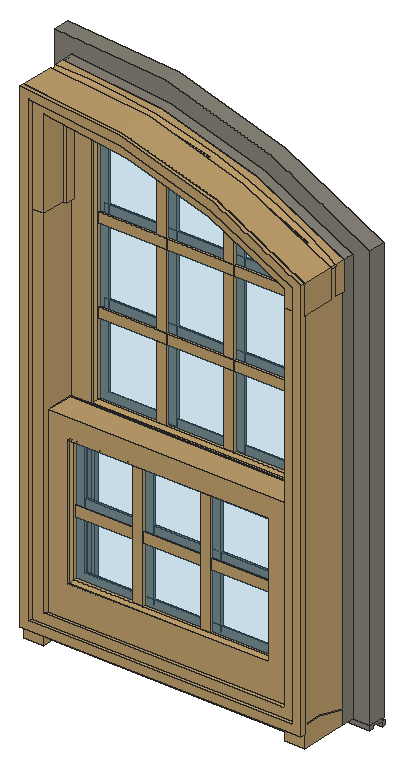
Revit family "Window-Single_Hung-Marvin-Next_Generation_Round_Top_RT21-Clad_Ultimate new", category Windows, host Wall, Revit 2013
Parameters (values of type "Not A Type - Load Type Catalog")
  Warranty = "www.marvin.com/support/warranty?menu=marvin"
  Wall Width [instance] = 0' - 6"
  URL = "www.marvin.com/"
  Subsill Void Width [instance] = if(Subsill C, Inset + 0' 1 3/16", 0' 0 1/32")  # 0' - 1 3/16"
  Subsill Void Height [instance] = if(Subsill C, 0' 0 73/128", 0' 0 1/32")  # 0' - 0 73/128"
  Subsill C [instance] = if(and(Casing Visibility, Subsill), 1 = 1, if(and(Casing Visibility, not(Subsill)), 1 = 0, 1 = 0))  # yes
  Subsill = yes
  Rough Width = Width + 0' 1"  # 1' - 10 1/4"
  Rough Height = Height + 0' 0 1/2"  # 3' - 2 7/64"
  Radius = 3' - 4"
  RO Radius Constraint = if(Radius > (Rough Width) + 0' 1", Radius, (Rough Width) + 0' 1")  # 3' - 4"
  RO Radius = RO Radius Constraint - 0' 0 1/2"  # 3' - 3 1/2"
  Product Page URL = "www.marvin.com/marvin/windows/single-hung"
  Product Name = "Single Hung RT21"  # constant formula
  Product Documentation Link = "www.marvin.com/download?Pub_ID=3148"
  Operation Symbol = yes
  Operation = "Single Hung"  # constant formula
  Nailer C2 [instance] = if(and(Nailer, Casing Visibility, Flat Casing), 1 = 0, if(not(Nailer), 1 = 0, if(Subsill C, 1 = 0, 1 = 1)))  # no
  Nailer C [instance] = if(and(Nailer, Casing Visibility, Flat Casing), 1 = 0, if(not(Nailer), 1 = 0, 1 = 1))  # yes
  Nailer = yes
  Muntin Width = Width - 0' 5 57/64"  # 1' - 3 23/64"
  Muntin Visibility = yes
  Muntin Height Top = Height / 2 + 0' 0 21/128" + 0' 0 11/32"  # 1' - 7 5/16"
  Muntin Height Bottom = (Height / 2) - 0' 9 1/16" + 0' 0 11/32"  # 0' - 10 11/128"
  Model = "Please Load Type Catalog"
  Material = ""
  Manufacturer Phone Number = "(800)472-8895"  # constant formula
  Manufacturer Email = "MDS@marvin.com"  # constant formula
  Manufacturer Address = "401 State Avenue North, Warroad, Minnesota 56763"  # constant formula
  Manufacturer = "Marvin Windows and Doors"  # constant formula
  Lites Wide Upper = 3
  Lites Wide Lower = 3
  Lites High Upper = 3
  Lites High Lower = 2
  Label Visibility [instance] = no
  Jamb Extension [instance] = yes
  Int Finish = Wood-Marvin-Pine
  Installation URL = "www.marvin.com/marvin/windows/single-hung?view=pro-resources&option=installation-instructions"
  Inset [instance] = 0' - 0"
  Height = 3' - 1 39/64"
  Glazing Radius = Radius - 0' 2 89/256"  # 3' - 1 167/256"
  Glazing Material = Glass-Marvin-IG Low E II with Argon
  Glass Type = "IG Low E II with ARgon"  # constant formula
  Frame Type = "Aluminum Clad"  # constant formula
  Flat Casing [instance] = no
  Ext Finish = Aluminum-Marvin-Bronze
  Egress Note = if(and(or(Height > 0' 10 5/8", Height = 0' 10 5/8"), or(Width > 1' 5 21/32", Width = 1' 5 21/32")), "Yes", "No")  # "Yes"
  Design Pressure = "DP50"  # constant formula
  Description = if(Subsill, "Single Hung RT21 Marvin Next Generation Round Top Window Subsill Included", "Single Hung RT21 Marvin Next Generation Round Top Window Subsill Not Included")  # "Single Hung RT21 Marvin Next Generation Round Top Window Subsill Included"
  Default Sill Height = 3' - 0"
  Wall Closure = By host
  Width = 1' - 9 1/4"
  DLO Width = 4' - 4 47/64"
  DLO Height = 1' - 4 3/4"
  D Length = sqrt((Radius ^ 2) - ((Width / 2) ^ 2))  # 3' - 2.56306"
  Casing Width [instance] = if(and(Casing Visibility, BMC), 0' 1 5/16", if(and(Casing Visibility, Flat Casing), 0' 3", 0' 0"))  # 0' - 1 5/16"
  Casing Visibility [instance] = yes
  Casing Radius [instance] = if(C Flat Casing Visibility, Radius + Casing Width, if(C BMC Visibility, Radius + Casing Width, Radius))  # 3' - 5 5/16"
  C Jamb Extension Visibility [instance] = if(C Jamb Extension = 0' 0 1/32", 1 = 0, Jamb Extension)  # yes
  C Jamb Extension [instance] = if(Wall Width - Inset - 0' 5 83/128" < 0' 0 1/32", 0' 0 1/32", Wall Width - Inset - 0' 5 83/128")  # 0' - 0 45/128"
  C Flat Casing Visibility [instance] = if(and(Casing Visibility, Flat Casing), 1 = 1, 1 = 0)  # no
  C Casing Void [instance] = if(Casing Visibility, 0' 1 5/32" + Inset, 0' 0 1/16")  # 0' - 1 5/32"
  C BMC Visibility [instance] = if(and(Casing Visibility, BMC), 1 = 1, 1 = 0)  # yes
  BMC [instance] = not(Flat Casing)  # yes
  Arc Height = RO Radius Constraint - sqrt((RO Radius Constraint ^ 2) - (Rough Width ^ 2))  # 0' - 6.7594"
Reference planes (in)
  plane 1 "Center (Front/Back)": y = 0
  plane 2: z = 0
  plane 3 "Center (Left/Right)": x = 0
  plane 4 "Left": x = -10.625
  plane 5 "Right": x = 10.625
  plane 6 "Sill": z = 36
  plane 7 "Top": z = 73.60938
  plane 8 "Inset": y = 4.09942
  plane 9 "INT": y = -1.90058
  plane 10 "EXT": y = 4.09942
  plane 11 "Glazing Ext": y = 1.9594
  plane 12 "Glazing Int": y = -0.2646
  plane 13 "Jamb Ext": y = -1.5486
  plane 14: z = 51.125
  plane 15: z = 70.98138
  plane 16: z = 40.21198
  plane 17: z = 50.78146
  plane 18: z = 51.46854
  plane 19: x = -8.00003
  plane 20: x = 8.00003
  plane 21: x = -9.036
  plane 22: x = 9.036
  plane 23: z = 72.03037
  plane 24: z = 37.54439
  plane 25: z = 51.8815
  plane 26: z = 50.24251
  plane 27: y = 2.39937
  plane 28: y = 1.51942
  plane 29: y = 1.64442
  plane 30: y = 2.27437
  plane 31: y = 0.17521
  plane 32: y = -0.70441
  plane 33: y = -0.57941
  plane 34: y = 0.05021
  plane 35: z = 61.22496
  plane 36: z = 45.49672
  plane 37 "Casing": y = 3.00567
  plane 38 "Out": y = 4.16192
  plane 39: z = 67.34998
  plane 40: z = 36.90494
  plane 41: y = -2.0486
  plane 42: z = 55.59668
  plane 43: z = 74.10937
Forms (in)
  Extrusion 1, void
    sketch origin (0, 0, 0) x (1, 0, 0) y (0, 0, 1)
      loop
        line (10.625, 36) -> (10.625, 67.49798)
        arc (10.625, 67.49798) -> (0.43067, 72.05118) -> (-10.625, 73.60938) r 40
        line (-10.625, 73.60938) -> (-10.625, 36) -> (10.625, 36)
    from -4.09942 to -1.9594
  Sweep 2, solid, material "Aluminum-Marvin-Bronze" <- "Ext Finish"
    path origin (0, 1.9594, 0) x (-1, 0, 0) y (0, 0, 1)
      loop
        line (-10.625, 36) -> (-10.625, 67.34998)
    profile "Jamb Clad Profile : Jamb Clad Profile" origin (10.625, 1.9594, 51.67499) x (1, 0, 0) y (0, 1, 0)
      loop
        line (0, 0.106) -> (0, 2.14002) -> (-0.58673, 2.14002) -> (-0.73855, 1.279) -> (-1.795, 1.279) -> (-1.795, 0.931) -> (-1.5, 0.931) -> (-1.5, 0.106) -> (-0.5275, 0.106) -> (-0.5275, -0.4025) -> (-1.4375, -0.4025) -> (-1.4375, -2.105) -> (-0.5275, -2.105) -> (-0.5275, -2.901) -> (-0.465, -2.901) -> (-0.465, 0.106) -> (0, 0.106)
  Sweep 3, solid, material "Aluminum-Marvin-Bronze" <- "Ext Finish"
    path origin (0, -0.2646, 0) x (-1, 0, 0) y (0, 0, 1)
      loop
        line (-10.625, 36) -> (10.625, 36)
    profile "Sill Profile Clad : Sill Profile Clad" origin (0, -0.2646, 36) x (0, 0, 1) y (0, 1, 0)
      loop
        line (1.62995, -1.01795) -> (1.62995, 0.17511) -> (0.80053, 3.50208) -> (0.72866, 3.50208) -> (0.57686, 4.36309) -> (-0.00002, 4.36309) -> (-0.00002, 2.91947) -> (0.82979, 3.12634) -> (1.56745, 0.16743) -> (1.56745, -1.01795) -> (1.62995, -1.01795)
  Sweep 4, solid, material "Aluminum-Marvin-Bronze" <- "Ext Finish"
    path origin (0, 1.9594, 0) x (-1, 0, 0) y (0, 0, 1)
      loop
        line (10.625, 50.78146) -> (10.625, 73.60938)
        arc (10.625, 73.60938) -> (-0.42975, 72.05704) -> (-10.625, 67.51018) r 40
        line (-10.625, 67.51018) -> (-10.625, 50.78146)
    profile "Jamb Sash Clad Profile : Jamb Sash Clad Profile" origin (-10.625, 1.9594, 62.19542) x (1, 0, 0) y (0, 1, 0)
      loop
        line (1.589, 0.44) -> (3.25619, 0.44) -> (3.25619, 0.50317) -> (3.057, 0.70236) -> (3.057, 0.821) -> (1.589, 0.821) -> (1.589, 0.44)
  Sweep 5, solid, material "Aluminum-Marvin-Bronze" <- "Ext Finish"
    path origin (0, -0.2646, 0) x (-1, 0, 0) y (0, 0, 1)
      loop
        line (-10.625, 37.54439) -> (-10.625, 51.46854)
    profile "Jamb Sash Clad Profile : Jamb Sash Clad Profile" origin (10.625, -0.2646, 44.50646) x (1, 0, 0) y (0, 1, 0)
      loop
        line (-1.589, 0.44) -> (-1.589, 0.821) -> (-3.057, 0.821) -> (-3.057, 0.70236) -> (-3.25619, 0.50317) -> (-3.25619, 0.44) -> (-1.589, 0.44)
  Sweep 6, solid, material "Wood-Marvin-Pine" <- "Int Finish"
    path origin (0, 1.9594, 0) x (-1, 0, 0) y (0, 0, 1)
      loop
        line (-9.036, 51.125) -> (9.036, 51.125)
    profile "Checkrail Sash Wood Profile : Checkrail Sash Wood Profile" origin (0, 1.9594, 51.125) x (0, 0, 1) y (0, 1, 0)
      loop
        line (0.7565, -1.02201) -> (0.7565, -0.83002) -> (0.97551, -0.6366) -> (0.97551, -0.43999) -> (0.21851, -0.43999) -> (0.21851, 0.4405) -> (-0.83249, 0.4405) -> (-0.83249, -1.02201) -> (0.7565, -1.02201)
      loop
        line (-0.74255, -3.148) -> (0.7565, -3.148) -> (0.7565, -1.10852) -> (0.694, -1.10852) -> (0.694, -1.7843) -> (-0.20454, -1.7843) -> (-0.20454, -2.66392) -> (-0.96154, -2.66392) -> (-0.96154, -2.86055) -> (-0.74255, -3.05397) -> (-0.74255, -3.148)
  Sweep 7, solid, material "Aluminum-Marvin-Bronze" <- "Ext Finish"
    path origin (0, 1.9594, 0) x (-1, 0, 0) y (0, 0, 1)
      loop
        line (-9.036, 51.125) -> (9.036, 51.125)
    profile "Checkrail Sash Clad Profile : Checkrail Sash Clad Profile" origin (0, 1.9594, 51.125) x (0, 0, 1) y (0, 1, 0)
      loop
        line (0.97435, 0.50323) -> (0.77522, 0.70235) -> (0.77522, 0.821) -> (-0.88249, 0.821) -> (-0.88249, -1.309) -> (-0.49349, -1.309) -> (-0.49349, -1.259) -> (-0.83249, -1.259) -> (-0.83249, 0.4405) -> (0.97435, 0.4405) -> (0.97435, 0.50323)
      loop
        line (-0.96187, -1.72163) -> (-0.96187, -1.7843) -> (0.69367, -1.7843) -> (0.69367, -1.10998) -> (-0.62586, -1.10998) -> (-0.62586, -1.15997) -> (-0.34683, -1.15997) -> (-0.34683, -1.40297) -> (-0.76183, -1.40297) -> (-0.76183, -1.52161) -> (-0.96187, -1.72163)
  Sweep 8, solid, material "Wood-Marvin-Pine" <- "Int Finish", visible <- "C Jamb Extension Visibility"
    path origin (0, -1.5486, 0) x (-1, 0, 0) y (0, 0, 1)
      loop
        line (-10.625, 36.90494) -> (10.625, 36.90494) -> (10.625, 73.60938)
        arc (10.625, 73.60938) -> (-0.43067, 72.05118) -> (-10.625, 67.49798) r 40
        line (-10.625, 67.49798) -> (-10.625, 36.90494)
    profile origin (0, -1.5486, 36.90494) x (0, 0, 1) y (0, 1, 0)
      loop
        line (0, 0) -> (0, -0.35156) -> (0.625, -0.35156) -> (0.625, 0) -> (0, 0)
  Sweep 9, solid, material "Aluminum-Marvin-Bronze" <- "Ext Finish", visible <- "Subsill C"
    path origin (0, 4.09942, 0) x (-1, 0, 0) y (0, 0, 1)
      loop
        line (-11.9375, 36) -> (11.9375, 36)
    profile "Clad Subsill Profile : Clad Subsill Profile" origin (0, 4.09942, 36) x (0, 0, 1) y (0, 1, 0)
      loop
        line (-0.17936, 0.2553) -> (-0.5702, 0.2553) -> (-0.5702, 0.09909) -> (-0.23247, 0.09909) -> (-0.10077, -0.83801) -> (-0.32566, -0.83801) -> (-0.32566, -1.12389) -> (0, -1.12389) -> (0, 0) -> (-0.14348, 0) -> (-0.17936, 0.2553)
  Extrusion 10, void
    sketch origin (0, 0, 0) x (0, 1, 0) y (0, 0, 1)
      loop
        line (4.16192, 35.42969) -> (4.16192, 36) -> (2.97442, 36) -> (2.97442, 35.42969) -> (4.16192, 35.42969)
    from -11.9375 to 11.9375
  Extrusion 11, solid, material "Glass-Marvin-IG Low E II with Argon" <- "Glazing Material"
    sketch origin (0, 4.09942, 0) x (-1, 0, 0) y (0, 0, 1)
      loop
        line (-8.00003, 51.46854) -> (8.00003, 51.46854) -> (8.00003, 70.88976)
        arc (8.00003, 70.88976) -> (-0.27184, 69.37009) -> (-8.00003, 66.05223) r 37.65234
        line (-8.00003, 66.05223) -> (-8.00003, 51.46854)
    from -2.58 to -2.455
  Extrusion 12, solid, material "Glass-Marvin-IG Low E II with Argon" <- "Glazing Material"
    sketch origin (0, 4.09942, 0) x (-1, 0, 0) y (0, 0, 1)
      loop
        line (-8.00003, 51.46854) -> (8.00003, 51.46854) -> (8.00003, 70.88976)
        arc (8.00003, 70.88976) -> (-0.27184, 69.37009) -> (-8.00003, 66.05223) r 37.65234
        line (-8.00003, 66.05223) -> (-8.00003, 51.46854)
    from -1.82505 to -1.70005
  Extrusion 13, solid, material "Glass-Marvin-IG Low E II with Argon" <- "Glazing Material"
    sketch origin (0, 0, 0) x (0, 1, 0) y (0, 0, 1)
      loop
        line (0.17571, 50.78146) -> (0.05021, 50.78146) -> (0.05021, 40.21198) -> (0.17571, 40.21198) -> (0.17571, 50.78146)
      loop
        line (-0.57941, 50.78146) -> (-0.70441, 50.78146) -> (-0.70441, 40.21198) -> (-0.57941, 40.21198) -> (-0.57941, 50.78146)
    from -8.00003 to 8.00003
  Sweep 14, solid, material "Wood-Marvin-Pine" <- "Int Finish"
    path origin (0, -0.2646, 0) x (-1, 0, 0) y (0, 0, 1)
      loop
        line (-10.625, 36) -> (10.625, 36)
    profile "Sill Profile Wood : Sill Profile Wood" origin (0, -0.2646, 36) x (0, 0, 1) y (0, 1, 0)
      loop
        line (0.90494, -1.01795) -> (0.90494, -1.28394) -> (2.22994, -1.28394) -> (2.22994, -1.01794) -> (1.56745, -1.01794) -> (1.56745, 0.16743) -> (0.82979, 3.12634) -> (-0.00002, 2.91947) -> (-0.00002, 0.60918) -> (0.40562, -1.01795) -> (0.90494, -1.01795)
  Sweep 15, solid, material "Aluminum-Marvin-Bronze" <- "Ext Finish"
    path origin (0, 1.9594, 0) x (1, 0, 0) y (0, 0, 1)
      loop
        line (-10.625, 36) -> (-10.625, 73.25)
    profile "Jamb Clad Profile : Jamb Clad Profile" origin (-10.625, 1.9594, 54.625) x (1, 0, 0) y (0, 1, 0)
      loop
        line (0, 0.106) -> (0.465, 0.106) -> (0.465, -2.901) -> (0.5275, -2.901) -> (0.5275, -2.105) -> (1.4375, -2.105) -> (1.4375, -0.4025) -> (0.5275, -0.4025) -> (0.5275, 0.106) -> (1.5, 0.106) -> (1.5, 0.931) -> (1.795, 0.931) -> (1.795, 1.279) -> (0.73855, 1.279) -> (0.58673, 2.14002) -> (0, 2.14002) -> (0, 0.106)
  Sweep 16, solid, material "Wood-Marvin-Pine" <- "Int Finish"
    path origin (0, 1.9594, 0) x (1, 0, 0) y (0, 0, 1)
      loop
        line (-10.625, 36) -> (-10.625, 67.34998)
    profile "Jamb Wood Profile : Jamb Wood Profile" origin (-10.625, 1.9594, 51.67499) x (1, 0, 0) y (0, 1, 0)
      loop
        line (0, -3.508) -> (1.49505, -3.508) -> (1.49505, -2.901) -> (0.465, -2.901) -> (0.465, 0.106) -> (0, 0.106) -> (0, -3.508)
  Sweep 17, solid, material "Wood-Marvin-Pine" <- "Int Finish"
    path origin (0, 1.9594, 0) x (-1, 0, 0) y (0, 0, 1)
      loop
        line (-10.625, 36) -> (-10.625, 67.34998)
    profile "Jamb Wood Profile : Jamb Wood Profile" origin (10.625, 1.9594, 51.67499) x (1, 0, 0) y (0, 1, 0)
      loop
        line (0, -3.508) -> (0, 0.106) -> (-0.465, 0.106) -> (-0.465, -2.901) -> (-1.49505, -2.901) -> (-1.49505, -3.508) -> (0, -3.508)
  Sweep 18, solid, material "Aluminum-Marvin-Bronze" <- "Ext Finish"
    path origin (0, 1.9594, 0) x (-1, 0, 0) y (0, 0, 1)
      loop
        line (-10.625, 36) -> (-10.625, 67.49798)
        arc (-10.625, 67.49798) -> (-0.43067, 72.05118) -> (10.625, 73.60938) r 40
        line (10.625, 73.60938) -> (10.625, 36)
    profile "Header Clad Profile : Header Clad Profile" origin (0.43067, 1.9594, 72.05118) x (0.276392, 0, 0.961045) y (0, 1, 0)
      loop
        line (-0.57678, 2.13999) -> (-0.7286, 1.27899) -> (-1.785, 1.27899) -> (-1.785, 0.93099) -> (-1.483, 0.93099) -> (-1.483, 0.83199) -> (-0.065, 0.83199) -> (-0.065, 0.21199) -> (0, 0.21199) -> (0, 2.13999) -> (-0.57678, 2.13999)
  Sweep 19, solid, material "Wood-Marvin-Pine" <- "Int Finish"
    path origin (0, 1.9594, 0) x (-1, 0, 0) y (0, 0, 1)
      loop
        line (10.625, 65.34998) -> (10.625, 73.61024)
        arc (10.625, 73.61024) -> (-0.43067, 72.05204) -> (-10.625, 67.49885) r 40
        line (-10.625, 67.49885) -> (-10.625, 65.34998)
    profile "Header Wood Profile : Header Wood Profile" origin (-10.625, 1.9594, 69.48011) x (1, 0, 0) y (0, 1, 0)
      loop
        line (1.49609, -1.68801) -> (1.7846, -1.68801) -> (1.7846, -1.00201) -> (1.49609, -1.00201) -> (1.49609, 0.83199) -> (0.8157, 0.83199) -> (0.8157, 0.21199) -> (0.6277, 0.21199) -> (0.6277, 0.83199) -> (0.065, 0.83199) -> (0.065, 0.21199) -> (0, 0.21199) -> (0, -0.51539) -> (0.1575, -0.94811) -> (0, -1.00544) -> (0, -3.50801) -> (1.49609, -3.50801) -> (1.49609, -1.68801)
  Sweep 20, solid, material "Aluminum-Marvin-Bronze" <- "Ext Finish"
    path origin (0, -0.2646, 0) x (1, 0, 0) y (0, 0, 1)
      loop
        line (-10.625, 37.54439) -> (-10.625, 51.46854)
    profile "Jamb Sash Clad Profile : Jamb Sash Clad Profile" origin (-10.625, -0.2646, 44.50646) x (1, 0, 0) y (0, 1, 0)
      loop
        line (1.589, 0.44) -> (3.25619, 0.44) -> (3.25619, 0.50317) -> (3.057, 0.70236) -> (3.057, 0.821) -> (1.589, 0.821) -> (1.589, 0.44)
  Sweep 21, solid, material "Wood-Marvin-Pine" <- "Int Finish"
    path origin (0, -0.2646, 0) x (-1, 0, 0) y (0, 0, 1)
      loop
        line (-10.625, 37.54439) -> (-10.625, 51.8815)
    profile "Jamb Sash Wood Profile : Jamb Sash Wood Profile" origin (10.625, -0.2646, 44.71294) x (1, 0, 0) y (0, 1, 0)
      loop
        line (-3.038, -0.924) -> (-1.589, -0.924) -> (-1.589, 0.44) -> (-2.5, 0.44) -> (-2.5, -0.44) -> (-3.257, -0.44) -> (-3.257, -0.63659) -> (-3.038, -0.83) -> (-3.038, -0.924)
  Sweep 22, solid, material "Wood-Marvin-Pine" <- "Int Finish"
    path origin (0, -0.2646, 0) x (1, 0, 0) y (0, 0, 1)
      loop
        line (-10.625, 37.54439) -> (-10.625, 51.8815)
    profile "Jamb Sash Wood Profile : Jamb Sash Wood Profile" origin (-10.625, -0.2646, 44.71294) x (1, 0, 0) y (0, 1, 0)
      loop
        line (3.038, -0.924) -> (3.038, -0.83) -> (3.257, -0.63659) -> (3.257, -0.44) -> (2.5, -0.44) -> (2.5, 0.44) -> (1.589, 0.44) -> (1.589, -0.924) -> (3.038, -0.924)
  Sweep 23, solid, material "Aluminum-Marvin-Bronze" <- "Ext Finish"
    path origin (0, -0.2646, 0) x (-1, 0, 0) y (0, 0, 1)
      loop
        line (-9.036, 36) -> (9.036, 36)
    profile "Sill Sash Clad Profile : Sill Sash Clad Profile" origin (0, -0.2646, 36) x (0, 0, 1) y (0, 1, 0)
      loop
        line (1.91995, 0.43963) -> (4.84396, 0.43963) -> (4.84396, 0.50237) -> (4.64399, 0.70235) -> (4.64399, 0.82107) -> (1.54439, 0.82107) -> (1.6142, 0.54105) -> (1.91995, 0.54105) -> (1.91995, 0.43963)
  Sweep 24, solid, material "Wood-Marvin-Pine" <- "Int Finish"
    path origin (0, -0.2646, 0) x (-1, 0, 0) y (0, 0, 1)
      loop
        line (-9.036, 36) -> (9.036, 36)
    profile "Sill Sash Wood Profile : Sill Sash Wood Profile" origin (0, -0.2646, 36) x (0, 0, 1) y (0, 1, 0)
      loop
        line (4.84396, -0.6366) -> (4.84396, -0.43999) -> (4.08698, -0.43999) -> (4.08698, 0.43963) -> (1.91995, 0.43963) -> (1.91995, -0.924) -> (4.62495, -0.924) -> (4.62495, -0.83) -> (4.84396, -0.6366)
  Sweep 25, solid, material "Wood-Marvin-Pine" <- "Int Finish"
    path origin (0, 1.9594, 0) x (-1, 0, 0) y (0, 0, 1)
      loop
        line (10.625, 50.78146) -> (10.625, 73.60937)
        arc (10.625, 73.60937) -> (-0.43067, 72.05118) -> (-10.625, 67.49798) r 40
        line (-10.625, 67.49798) -> (-10.625, 50.78146)
    profile "Jamb Sash Wood Profile : Jamb Sash Wood Profile" origin (-10.625, 1.9594, 62.19542) x (1, 0, 0) y (0, 1, 0)
      loop
        line (3.038, -0.924) -> (3.038, -0.83) -> (3.257, -0.63659) -> (3.257, -0.44) -> (2.5, -0.44) -> (2.5, 0.44) -> (1.589, 0.44) -> (1.589, -0.924) -> (3.038, -0.924)
  Extrusion 26, void
    sketch origin (0, 0, 0) x (1, 0, 0) y (0, 0, 1)
      loop
        line (10.625, 36.90494) -> (10.625, 67.49798)
        arc (10.625, 67.49798) -> (0.43067, 72.05118) -> (-10.625, 73.60938) r 40
        line (-10.625, 73.60938) -> (-10.625, 36.90494) -> (10.625, 36.90494)
    from -1.9594 to 2.0486
  Sweep 27, solid, material "Wood-Marvin-Pine" <- "Int Finish"
    path origin (0, -0.2646, 0) x (-1, 0, 0) y (0, 0, 1)
      loop
        line (9.036, 67.34998) -> (9.036, 51.8815)
    profile origin (-9.036, -0.2646, 59.61574) x (0, 1, 0) y (-1, 0, 0)
      loop
        line (-1.284, 0.22113) -> (-1.284, 0.09395) -> (1.3, 0.09395) -> (1.3, 0.22113) -> (-1.284, 0.22113)
      loop
        line (-1.284, -18.16595) -> (-1.284, -18.29313) -> (1.3, -18.29313) -> (1.3, -18.16595) -> (-1.284, -18.16595)
  Extrusion 28, void
    sketch origin (0, 4.16192, 0) x (-1, 0, 0) y (0, 0, 1)
      loop
        arc (11.9375, 74.92188) -> (-0.51328, 73.41291) -> (-11.9375, 68.2374) r 41.3125
        line (-11.9375, 68.2374) -> (-11.9375, 36) -> (11.9375, 36) -> (11.9375, 74.92188)
    from 0 to -1.15625
Cuts and joins
  joined: Sweep 6, Sweep 21, Sweep 22, Sweep 24, Sweep 25
  joined: Sweep 4, Sweep 5, Sweep 7, Sweep 20, Sweep 23
  joined: Sweep 2, Sweep 3, Sweep 15, Sweep 18
  joined: Sweep 14, Sweep 16, Sweep 17, Sweep 27
Lines and regions (in)
  Masking region 1
    outline origin (0, 0, 36) x (0, -1, 0) y (1, 0, 0)
      loop
        line (-2.39937, -8.00003) -> (-1.51942, -8.00003) -> (-1.51942, 8.00003) -> (-2.39937, 8.00003) -> (-2.39937, -8.00003)
      loop
        line (-0.17521, -8.00003) -> (0.70441, -8.00003) -> (0.70441, 8.00003) -> (-0.17521, 8.00003) -> (-0.17521, -8.00003)
  Masking region 2, visible <- "C Jamb Extension Visibility"
    outline origin (0, 0, 36) x (0, -1, 0) y (1, 0, 0)
      loop
        line (1.5486, -10.625) -> (1.90017, -10.625) -> (1.90017, -10) -> (1.5486, -10) -> (1.5486, -10.625)
      loop
        line (1.5486, 10) -> (1.90017, 10) -> (1.90017, 10.625) -> (1.5486, 10.625) -> (1.5486, 10)
  Masking region 3, visible <- "C Jamb Extension Visibility"
    outline origin (0, 0, 0) x (0, 1, 0) y (0, 0, 1)
      loop
        line (-1.5486, 73.60938) -> (-1.90017, 73.60938) -> (-1.90017, 72.98438) -> (-1.5486, 72.98438) -> (-1.5486, 73.60938)
      loop
        line (-1.5486, 36.90494) -> (-1.5486, 37.52994) -> (-1.90017, 37.52994) -> (-1.90017, 36.90494) -> (-1.5486, 36.90494)
  Masking region 4
    outline origin (0, 0, 0) x (0, 1, 0) y (0, 0, 1)
      loop
        line (2.39937, 70.98138) -> (1.51942, 70.98138) -> (1.51942, 51.46854) -> (2.39937, 51.46854) -> (2.39937, 70.98138)
      loop
        line (0.17571, 50.78146) -> (-0.70441, 50.78146) -> (-0.70441, 40.21198) -> (0.17571, 40.21198) -> (0.17571, 50.78146)
  symbolic lines, style "WindowsGlassProjection", detail levels fine
    curve 1: line (-8.00003, 2.27437, 36) -> (8.00003, 2.27437, 36)
    curve 2: line (8.00003, 2.27437, 36) -> (8.00003, 1.64442, 36)
    curve 3: line (8.00003, 1.64442, 36) -> (-8.00003, 1.64442, 36)
    curve 4: line (-8.00003, 0.05021, 36) -> (8.00003, 0.05021, 36)
    curve 5: line (8.00003, 0.05021, 36) -> (8.00003, -0.57941, 36)
    curve 6: line (8.00003, -0.57941, 36) -> (-8.00003, -0.57941, 36)
    curve 7: line (0, 2.27437, 70.98138) -> (0, 2.27437, 51.46854)
    curve 8: line (0, 0.05021, 50.78146) -> (0, 0.05021, 40.21198)
    curve 9: line (0, 1.64442, 70.98138) -> (0, 1.64442, 51.46854)
    curve 10: line (0, -0.57941, 50.78146) -> (0, -0.57941, 40.21198)
Text (in)
  text "EXTERIOR" at (-58.6888, 50.90694, 0), in view "Ref. Level"
  text "INTERIOR" at (-58.6888, -37.76638, 0), in view "Ref. Level"
  text "Exterior" at (0, 43.65631, 123.19604), in view "Left"
  text "Exterior" at (0, 18.29385, 125.04747), in view "Right"
Dimensions and locks (in)
  equal spacing: plane 4 "Left", plane 3 "Center (Left/Right)", plane 5 "Right"
  "Width": plane 4 "Left" to plane 5 "Right"
  "Height": plane 6 "Sill" to plane 7 "Top"
  "Default Sill Height": plane 2 to plane 6 "Sill"
  "Wall Width": host wall to host wall
  locked: host wall to plane 9 "INT" at 0
  locked: plane 10 "EXT" to host wall at 0
  plane 8 "Inset" to plane 11 "Glazing Ext" to plane 12 "Glazing Int" to plane 13 "Jamb Ext" = 0' - 2.14002" locked, 0' - 2.224" locked, 0' - 1.284" locked
  plane 6 "Sill" to plane 24 to plane 16 = 0' - 1.54439" locked, 0' - 2.66759" locked
  plane 15 to plane 23 to plane 7 "Top" = 0' - 1.049" locked, 0' - 1.579" locked
  plane 26 to plane 17 to plane 14 to plane 18 to plane 25 = 0' - 0.53895" locked, 0' - 0.34354" locked, 0' - 0.34354" locked, 0' - 0.41296" locked
  plane 4 "Left" to plane 21 to plane 19 = 0' - 1.589" locked, 0' - 1.03597" locked
  plane 20 to plane 22 to plane 5 "Right" = 0' - 1.03597" locked, 0' - 1.589" locked
  "C Jamb Extension": plane 13 "Jamb Ext" to Sweep 8 sketch curve
  equal spacing: plane 15, plane 35, plane 18
  equal spacing: plane 17, plane 36, plane 16
  locked: plane 8 "Inset" to plane 37 "Casing" at 1.09375
  locked: plane 38 "Out" to host wall at 0.0625
  "Casing Width": plane 5 "Right" to Sweep 9 sketch curve
  "Casing Width": Sweep 9 sketch curve to plane 4 "Left"
  "Subsill Void Height": Extrusion 10 sketch curve to plane 6 "Sill"
  "Subsill Void Width": plane 38 "Out" to Extrusion 10 sketch curve
  "Casing Width": Extrusion 10 to plane 4 "Left"
  "Casing Width": plane 5 "Right" to Extrusion 10
  locked: plane 4 "Left" to Masking region 2 sketch curve at 0.625
  locked: Masking region 2 sketch curve to plane 5 "Right" at 0.625
  "C Jamb Extension": plane 13 "Jamb Ext" to Masking region 2 sketch curve  (x2)
  locked: plane 40 to Masking region 3 sketch curve at 0.625
  locked: Masking region 3 sketch curve to plane 7 "Top" at 0.625
  "C Jamb Extension": plane 13 "Jamb Ext" to Masking region 3 sketch curve  (x2)
  "Inset": plane 10 "EXT" to plane 8 "Inset"
  "Arc Height": plane 39 to plane 43
  locked: plane 33 to plane 32 at 0.125
  locked: plane 31 to plane 34 at 0.125
  locked: plane 29 to plane 28 at 0.125
  locked: plane 27 to plane 30 at 0.125
  equal spacing: plane 27, plane 11 "Glazing Ext", plane 28, locked at 0.43997 each
  locked: plane 27 to plane 28 at 0.87995
  equal spacing: plane 31, plane 12 "Glazing Int", plane 32
  locked: plane 31 to plane 32 at 0.87962
  locked: plane 6 "Sill" to plane 40 at 0.90494
  locked: plane 9 "INT" to plane 41 at 0.14802
  Sweep 27 sketch curve to Sweep 27 sketch curve to plane 21 = 0' - 0.12717" locked, 0' - 0.09395" locked
  locked: Sweep 27 sketch curve to plane 12 "Glazing Int" at 1.3  (x2)
  plane 22 to Sweep 27 sketch curve to Sweep 27 sketch curve = 0' - 0.09395" locked, 0' - 0.12717" locked
  plane 16 to plane 15 = 2' - 6.7694"
  equal spacing: plane 16, plane 42, plane 15
  locked: plane 25 to plane 42 at 3.71518
  locked: plane 7 "Top" to plane 43 at 0.5
  locked: Sweep 15 sketch curve to plane 7 "Top" at 0.35938
  locked: plane 39 to Sweep 18 sketch curve at 0.148
  locked: plane 7 "Top" to Sweep 18 sketch curve at 0
  locked: plane 39 to Extrusion 1 sketch curve at 0.148
  locked: plane 7 "Top" to Extrusion 1 sketch curve at 0
  locked: plane 39 to Sweep 8 sketch curve at 0.148
  locked: plane 7 "Top" to Sweep 8 sketch curve at 0
  locked: plane 39 to Extrusion 26 sketch curve at 0.148
  locked: plane 7 "Top" to Extrusion 26 sketch curve at 0
  locked: plane 40 to Sweep 8 sketch curve at 0.625
  locked: Sweep 19 sketch curve to plane 39 at 2  (x2)
  plane 7 "Top" to Sweep 19 sketch curve = 0' - 0.00087"
  locked: plane 39 to Sweep 19 sketch curve at 0.14887
  Extrusion 12 sketch curve to plane 15 = 0' - 0.09161"
  Extrusion 11 sketch curve to plane 15 = 0' - 0.09161"
  locked: Extrusion 11 sketch curve to plane 39 at 1.29775
  locked: Extrusion 12 sketch curve to plane 39 at 1.29775
  locked: plane 7 "Top" to Sweep 4 sketch curve at 0
  locked: plane 39 to Sweep 4 sketch curve at 0.1602
  locked: plane 7 "Top" to Sweep 25 sketch curve at 0
  locked: plane 39 to Sweep 25 sketch curve at 0.148
  "Casing Width": plane 5 "Right" to Extrusion 28 sketch curve
  "Casing Width": Extrusion 28 sketch curve to plane 4 "Left"
  "Casing Width": plane 7 "Top" to Extrusion 28 sketch curve
  "C Casing Void": plane 38 "Out" to Extrusion 28
  "Radius": radius of Sweep 18 sketch curve
  "Radius": radius of Extrusion 1 sketch curve
  "Radius": radius of Sweep 8 sketch curve
  "Radius": radius of Extrusion 26 sketch curve
  "Radius": radius of Sweep 19 sketch curve
  "Glazing Radius": radius of Extrusion 12 sketch curve
  "Glazing Radius": radius of Extrusion 11 sketch curve
  "Radius": radius of Sweep 4 sketch curve
  "Radius": radius of Sweep 25 sketch curve
  "Casing Radius": radius of Extrusion 28 sketch curve
  aligned and locked: level to plane 2
  aligned and locked: nested 1 to plane 4 "Left"
  aligned and locked: plane 11 "Glazing Ext" to nested 1
  aligned and locked: nested 2 to plane 5 "Right"
  aligned and locked: nested 2 to plane 11 "Glazing Ext"
  aligned and locked: plane 11 "Glazing Ext" to nested 3
  aligned and locked: nested 3 to plane 7 "Top"
  aligned and locked: nested 4 to plane 6 "Sill"
  aligned and locked: plane 12 "Glazing Int" to nested 4
  aligned and locked: nested 5 to plane 14
  aligned and locked: plane 11 "Glazing Ext" to nested 5
  aligned and locked: plane 10 "EXT" to Extrusion 1
  aligned and locked: plane 5 "Right" to Sweep 2 sketch curve
  aligned and locked: plane 6 "Sill" to Sweep 2 sketch curve
  aligned and locked: plane 6 "Sill" to Sweep 3 sketch curve
  aligned and locked: plane 4 "Left" to Sweep 3 sketch curve
  aligned and locked: plane 5 "Right" to Sweep 3 sketch curve
  aligned and locked: plane 22 to Sweep 6 sketch curve
  aligned and locked: plane 21 to Sweep 6 sketch curve
  aligned and locked: plane 21 to Sweep 7 sketch curve
  aligned and locked: plane 22 to Sweep 7 sketch curve
  aligned and locked: Sweep 8 sketch curve to plane 13 "Jamb Ext"
  aligned and locked: plane 8 "Inset" to nested 6
  aligned and locked: plane 4 "Left" to nested 7
  aligned and locked: nested 7 to plane 8 "Inset"
  aligned and locked: plane 5 "Right" to nested 6
  aligned and locked: plane 7 "Top" to nested 8
  aligned and locked: plane 8 "Inset" to nested 8
  aligned and locked: plane 8 "Inset" to nested 9
  aligned and locked: plane 5 "Right" to nested 9
  aligned and locked: plane 4 "Left" to nested 10
  aligned and locked: nested 10 to plane 8 "Inset"
  aligned and locked: plane 7 "Top" to nested 11
  aligned and locked: plane 8 "Inset" to nested 11
  aligned and locked: nested 12 to plane 6 "Sill"
  aligned and locked: plane 8 "Inset" to nested 12
  aligned and locked: plane 6 "Sill" to Sweep 9 sketch curve
  aligned and locked: Extrusion 10 sketch curve to plane 6 "Sill"
  aligned and locked: plane 38 "Out" to Extrusion 10 sketch curve
  aligned and locked: plane 19 to curve 1
  aligned and locked: plane 19 to curve 4
  aligned and locked: plane 19 to curve 6
  aligned and locked: plane 30 to curve 1
  aligned and locked: plane 20 to curve 2
  aligned and locked: plane 20 to curve 3
  aligned and locked: plane 20 to curve 5
  aligned and locked: plane 20 to curve 6
  aligned and locked: Masking region 2 sketch curve to plane 4 "Left"
  aligned and locked: plane 5 "Right" to Masking region 2 sketch curve
  aligned and locked: Masking region 2 sketch curve to plane 13 "Jamb Ext"  (x2)
  aligned and locked: nested 3 to Masking region 3 sketch curve
  aligned and locked: plane 15 to curve 7
  aligned and locked: plane 15 to curve 9
  aligned and locked: plane 18 to curve 9
  aligned and locked: plane 18 to curve 7
  aligned and locked: plane 17 to curve 10
  aligned and locked: plane 17 to curve 8
  aligned and locked: plane 29 to curve 9
  aligned and locked: curve 7 to plane 30
  aligned and locked: curve 8 to plane 34
  aligned and locked: plane 33 to curve 10
  aligned and locked: plane 16 to curve 10
  aligned and locked: plane 16 to curve 8
  aligned and locked: plane 13 "Jamb Ext" to Masking region 3 sketch curve
  aligned and locked: Masking region 3 sketch curve to plane 13 "Jamb Ext"
  aligned and locked: nested 14 to plane 36
  aligned and locked: nested 14 to plane 3 "Center (Left/Right)"
  aligned and locked: plane 3 "Center (Left/Right)" to nested 15
  aligned and locked: nested 15 to plane 36
  aligned and locked: Extrusion 11 to plane 28
  aligned and locked: plane 29 to Extrusion 11
  aligned and locked: plane 30 to Extrusion 12
  aligned and locked: plane 27 to Extrusion 12
  aligned and locked: Extrusion 13 sketch curve to Masking region 4  (x4)
  aligned and locked: plane 16 to Extrusion 13 sketch curve
  aligned and locked: Extrusion 13 sketch curve to curve 8
  aligned and locked: Extrusion 13 sketch curve to plane 17
  aligned and locked: Extrusion 13 sketch curve to curve 10
  aligned and locked: plane 20 to Extrusion 13
  aligned and locked: plane 19 to Extrusion 13
  aligned and locked: nested 15 to Extrusion 13
  aligned and locked: Extrusion 13 to nested 16
  aligned and locked: Masking region 1 sketch curve to plane 31
  aligned and locked: plane 32 to Masking region 1 sketch curve
  aligned and locked: plane 6 "Sill" to Sweep 14 sketch curve
  aligned and locked: plane 4 "Left" to Sweep 14 sketch curve
  aligned and locked: plane 5 "Right" to Sweep 14 sketch curve
  aligned and locked: plane 39 to Sweep 2 sketch curve
  aligned and locked: plane 4 "Left" to Sweep 15 sketch curve
  aligned and locked: plane 6 "Sill" to Sweep 15 sketch curve
  aligned and locked: plane 39 to Sweep 16 sketch curve
  aligned and locked: plane 4 "Left" to Sweep 16 sketch curve
  aligned and locked: plane 6 "Sill" to Sweep 16 sketch curve
  aligned and locked: Sweep 17 sketch curve to plane 5 "Right"
  aligned and locked: plane 6 "Sill" to Sweep 17 sketch curve
  aligned and locked: plane 14 to Sweep 7 sketch curve
  aligned and locked: plane 14 to Sweep 6 sketch curve
  aligned and locked: plane 5 "Right" to Sweep 5 sketch curve
  aligned and locked: plane 24 to Sweep 5 sketch curve
  aligned and locked: plane 4 "Left" to Sweep 20 sketch curve
  aligned and locked: plane 24 to Sweep 20 sketch curve
  aligned and locked: plane 25 to Sweep 21 sketch curve
  aligned and locked: plane 5 "Right" to Sweep 21 sketch curve
  aligned and locked: plane 24 to Sweep 21 sketch curve
  aligned and locked: Sweep 22 sketch curve to plane 4 "Left"
  aligned and locked: plane 24 to Sweep 22 sketch curve
  aligned and locked: plane 25 to Sweep 22 sketch curve
  aligned and locked: plane 6 "Sill" to Sweep 23 sketch curve
  aligned and locked: plane 21 to Sweep 23 sketch curve
  aligned and locked: plane 22 to Sweep 23 sketch curve
  aligned and locked: plane 6 "Sill" to Sweep 24 sketch curve
  aligned and locked: plane 21 to Sweep 24 sketch curve
  aligned and locked: plane 22 to Sweep 24 sketch curve
  aligned and locked: plane 18 to Sweep 20 sketch curve
  aligned and locked: plane 18 to Sweep 5 sketch curve
  aligned and locked: Extrusion 26 to nested 1
  aligned and locked: Extrusion 26 to plane 41
  aligned and locked: plane 25 to Sweep 27 sketch curve
  aligned and locked: plane 39 to Sweep 27 sketch curve
  aligned and locked: plane 21 to Sweep 27 sketch curve
  aligned and locked: Sweep 27 sketch curve to plane 13 "Jamb Ext"  (x2)
  aligned and locked: plane 36 to nested 16
  aligned and locked: nested 16 to plane 3 "Center (Left/Right)"
  aligned and locked: plane 6 "Sill" to Extrusion 1 sketch curve
  aligned and locked: plane 4 "Left" to Extrusion 1 sketch curve
  aligned and locked: Extrusion 1 sketch curve to plane 5 "Right"
  aligned and locked: plane 40 to Extrusion 26 sketch curve
  aligned and locked: plane 4 "Left" to Extrusion 26 sketch curve
  aligned and locked: Extrusion 26 sketch curve to plane 5 "Right"
  aligned and locked: plane 18 to Extrusion 11 sketch curve
  aligned and locked: plane 19 to Extrusion 11 sketch curve
  aligned and locked: plane 19 to Extrusion 12 sketch curve
  aligned and locked: plane 18 to Extrusion 12 sketch curve
  aligned and locked: Extrusion 1 to plane 11 "Glazing Ext"
  aligned and locked: plane 40 to Masking region 3 sketch curve
  aligned and locked: nested 17 to plane 3 "Center (Left/Right)"
  aligned and locked: nested 17 to plane 6 "Sill"
  aligned and locked: Sweep 18 sketch curve to plane 4 "Left"
  aligned and locked: Sweep 18 sketch curve to plane 5 "Right"
  aligned and locked: Sweep 8 sketch curve to plane 5 "Right"
  aligned and locked: plane 40 to Sweep 8 sketch curve  (x2)
  aligned and locked: plane 4 "Left" to Sweep 8 sketch curve
  aligned and locked: plane 4 "Left" to Sweep 19 sketch curve  (x2)
  aligned and locked: plane 4 "Left" to Extrusion 12 sketch curve
  aligned and locked: plane 4 "Left" to Extrusion 11 sketch curve
  aligned and locked: plane 17 to Sweep 4 sketch curve  (x2)
  aligned and locked: plane 4 "Left" to Sweep 4 sketch curve
  aligned and locked: Sweep 4 sketch curve to plane 5 "Right"
  aligned and locked: plane 17 to Sweep 25 sketch curve  (x2)
  aligned and locked: plane 4 "Left" to Sweep 25 sketch curve
  aligned and locked: Sweep 25 sketch curve to plane 5 "Right"
  aligned and locked: nested 18 to Extrusion 11
  aligned and locked: Extrusion 12 to nested 19
  aligned and locked: plane 35 to nested 19
  aligned and locked: nested 19 to plane 3 "Center (Left/Right)"
  aligned and locked: nested 18 to plane 35
  aligned and locked: plane 3 "Center (Left/Right)" to nested 18
  aligned and locked: plane 4 "Left" to Extrusion 28 sketch curve
  aligned and locked: Extrusion 28 sketch curve to plane 6 "Sill"
  aligned and locked: plane 6 "Sill" to Sweep 18 sketch curve  (x2)
  aligned and locked: plane 39 to Sweep 17 sketch curve
Automatic sketch dimensions
  curve 2 to plane 29 = 0' - 0"
  plane 34 to curve 5 = 0' - 0"
  curve 6 to plane 33 = 0' - 0"
  curve 3 to plane 19 = 0' - 0"
  Masking region 1 sketch curve to plane 20 = 0' - 0"  (x2)
  Masking region 1 sketch curve to plane 19 = 0' - 0"  (x2)
  Masking region 1 sketch curve to plane 27 = 0' - 0"
  plane 28 to Masking region 1 sketch curve = 0' - 0"
  plane 17 to Masking region 4 sketch curve = 0' - 0"
  plane 16 to Masking region 4 sketch curve = 0' - 0"
  plane 15 to Masking region 4 sketch curve = 0' - 0"
  plane 18 to Masking region 4 sketch curve = 0' - 0"
  plane 32 to Masking region 4 sketch curve = 0' - 0"
  plane 31 to Masking region 4 sketch curve = 0' - 0.0005"
  plane 28 to Masking region 4 sketch curve = 0' - 0"
  Masking region 4 sketch curve to plane 27 = 0' - 0"
Nested families (in)
  nested 1: "Jamb Detail" at (-10.625, 1.9594, 36) x (1, 0, 0) z (0, 0, -1), type "Jamb Detail"
  nested 2: "Jamb Detail" at (10.625, 1.9594, 36) x (-1, 0, 0) z (0, 0, -1), type "Jamb Detail"
  nested 3: "Header Detail" at (0, 1.9594, 73.60938) x (0, -1, 0) z (1, 0, 0), type "Header Detail"
  nested 4: "Sill Detail" at (0, -0.2646, 36) x (0, -1, 0) z (1, 0, 0), type "Sill Detail"
    with Nailer no
  nested 5: "Checkrail Detail" at (0, 1.9594, 51.125) x (0, -1, 0) z (1, 0, 0), type "Checkrail Detail"
  nested 6: "Wood Ext Trim Detail" at (10.625, 4.09942, 36) x (1, 0, 0) z (0, 0, -1), Clad Flat <- "C Flat Casing Visibility", type "Wood Ext Trim Detail"
    with Wood Flat Notch no, Wood Flat no, Wood BMC Notch no, Wood BMC no, Clad Flat no, Clad BMC no
  nested 7: "Wood Ext Trim Detail" at (-10.625, 4.09942, 36) x (-1, 0, 0) z (0, 0, -1), Clad Flat <- "C Flat Casing Visibility", type "Wood Ext Trim Detail"
    with Wood Flat Notch no, Wood Flat no, Wood BMC Notch no, Wood BMC no, Clad Flat no, Clad BMC no
  nested 8: "Wood Ext Trim Detail" at (0, 4.09942, 73.60938) x (0, 0, 1) z (1, 0, 0), Clad BMC <- "C BMC Visibility", type "Wood Ext Trim Detail"
    with Wood Flat Notch no, Wood Flat no, Wood BMC Notch no, Wood BMC no, Clad Flat no, Clad BMC yes
  nested 9: "Wood Ext Trim Detail" at (10.625, 4.09942, 36) x (1, 0, 0) z (0, 0, -1), Clad BMC <- "C BMC Visibility", type "Wood Ext Trim Detail"
    with Wood Flat Notch no, Wood Flat no, Wood BMC Notch no, Wood BMC no, Clad Flat no, Clad BMC yes
  nested 10: "Wood Ext Trim Detail" at (-10.625, 4.09942, 36) x (-1, 0, 0) z (0, 0, -1), Clad BMC <- "C BMC Visibility", type "Wood Ext Trim Detail"
    with Wood Flat Notch no, Wood Flat no, Wood BMC Notch no, Wood BMC no, Clad Flat no, Clad BMC yes
  nested 11: "Wood Ext Trim Detail" at (0, 4.09942, 73.60938) x (0, 0, 1) z (1, 0, 0), Clad Flat <- "C Flat Casing Visibility", type "Wood Ext Trim Detail"
    with Wood Flat Notch no, Wood Flat no, Wood BMC Notch no, Wood BMC no, Clad Flat no, Clad BMC no
  nested 12: "Clad Subsill Detail" at (0, 4.09942, 36) x (0, -1, 0) z (1, 0, 0), visible <- "Subsill C", type "Clad Subsill Detail"
  nested 13: "Label Annotation 1-16 w4" at (0, 17.17989, 0), visible <- "Label Visibility", type "Label Annotation 1-16 w4"
    with Nominal Width 1' - 9 1/4", Nominal Height 3' - 1 39/64"
  nested 14: "Sliding Arrow" at (0, 4.09942, 45.49672) x (0, 0, 1) z (0, 1, 0), visible <- "Operation Symbol", type "Sliding Arrow"
  nested 15: "Muntins_2" at (0, -0.70441, 4.6725), visible <- "Muntin Visibility", Muntin Material <- "Int Finish", type "Muntins_2"
    with Muntin Material Wood-Marvin-Pine, GlazingWidth 1' - 2 43/64", GlazingHeight 0' - 9 51/128", Width 1' - 3 23/64", LitesVertical 2, HorizMuntVisible no, Height 0' - 10 11/128", Inset Vert 0' - 4.74479", Inset Horiz 0' - 2.98698", CenterMuntinHorizontal yes
  nested 16: "Muntins_2" at (0, 0.17571, 4.6725), visible <- "Muntin Visibility", Muntin Material <- "Ext Finish", type "Muntins_2"
    with Muntin Material Aluminum-Marvin-Bronze, GlazingWidth 1' - 2 43/64", GlazingHeight 0' - 9 51/128", Width 1' - 3 23/64", LitesVertical 2, HorizMuntVisible no, Height 0' - 10 11/128", Inset Vert 0' - 4.74479", Inset Horiz 0' - 2.98698", CenterMuntinHorizontal yes
  nested 17: "RT21 Casing" at (0, 4.09942, 54.80469) x (-1, 0, 0) z (0, 1, 0), type "RT21 Casing"
  nested 18: "Muntins RT 22" at (0, 1.51942, 15.78746), Muntin Material <- "Int Finish", visible <- "Muntin Visibility", type "Muntins RT 22"
    with Muntin Material Wood-Marvin-Pine, GlazingHeight 1' - 6 5/8", VertMuntVisible yes, LitesHorizontal 3, Height 1' - 7 5/16", Inset Horiz 0' - 6 1/16", CenterMuntinVertical no
  nested 19: "Muntins RT 22" at (0, 2.39937, 15.78746), Muntin Material <- "Ext Finish", visible <- "Muntin Visibility", type "Muntins RT 22"
    with Muntin Material Aluminum-Marvin-Bronze, GlazingHeight 1' - 6 5/8", VertMuntVisible yes, LitesHorizontal 3, Height 1' - 7 5/16", Inset Horiz 0' - 6 1/16", CenterMuntinVertical no
Definition of nested family "Muntins_2"
  Parameters (values of type "Muntins_2")
    Springline = 0' - 0"
    GlazingWidth = 1' - 5 35/64"
    GlazingHeight = 1' - 8 67/256"
    Width = GlazingWidth + 0' 0 11/16"  # 1' - 6 15/64"
    VerticalMuntins = if(LitesHorizontal < 3, 2, LitesHorizontal - 1)  # 2
    VertMuntVisible = LitesHorizontal > 2  # yes
    MuntinWidth = 0' - 0 3/4"
    MuntinDepth = 0' - 0 1/8"
    Muntin Material [instance] = none
    LitesVertical = 3
    LitesHorizontal = 3
    HorizontalMuntins = if(LitesVertical < 3, 2, LitesVertical - 1)  # 2
    HorizMuntVisible = LitesVertical > 2  # yes
    Height = GlazingHeight + 0' 0 11/16"  # 1' - 8 243/256"
    Inset Vert = if(LitesHorizontal < 3, (Width / 3) - (MuntinWidth / 2), (Width / LitesHorizontal) - (MuntinWidth / 2))  # 0' - 5 45/64"
    Inset Horiz = if(LitesVertical < 3, (Height / 3) - (MuntinWidth / 2), (Height / LitesVertical) - (MuntinWidth / 2))  # 0' - 6.60807"
    CenterMuntinVertical = LitesHorizontal = 2  # no
    CenterMuntinHorizontal = LitesVertical = 2  # no
    Assembly Code = ""
  Reference planes (in)
    plane 1 "Center (Front/Back)": y = 0
    plane 2: z = 0
    plane 3 "Center (Left/Right)": x = 0
    plane 4: z = 35.78125
    plane 5: z = 46.25586
    plane 6: z = 56.73047
    plane 7: z = 50.1224
    plane 8: z = 42.38932
    plane 9: z = 56.38672
    plane 10: z = 36.125
    plane 11: x = -8.77344
    plane 12: x = 8.77344
    plane 13: x = -3.41406
    plane 14: x = -9.11719
    plane 15: x = 9.11719
    plane 16: x = 3.41406
    plane 17: z = 32.28125
    plane 18: z = 32.28125
  Forms (in)
    Extrusion 1, solid, material <- "Muntin Material", visible <- "CenterMuntinVertical", detail levels medium+fine
      sketch origin (9, 0, 0) x (1, 0, 0) y (0, 0, 1)
        loop
          line (-9.375, 56.73047) -> (-9.375, 35.78125) -> (-8.625, 35.78125) -> (-8.625, 56.73047) -> (-9.375, 56.73047)
      from 0 to 0.125 <- "MuntinDepth"
    Extrusion 2, solid, material <- "Muntin Material", visible <- "CenterMuntinHorizontal", detail levels medium+fine
      sketch origin (-0.0013, 0, 14.6875) x (1, 0, 0) y (0, 0, 1)
        loop
          line (-9.11589, 31.94336) -> (-9.11589, 31.19336) -> (9.11849, 31.19336) -> (9.11849, 31.94336) -> (-9.11589, 31.94336)
      from 0 to 0.125 <- "MuntinDepth"
    Extrusion 3, solid, material <- "Muntin Material", visible <- "VertMuntVisible", detail levels medium+fine
      sketch origin (6.97582, 0, -2.90625) x (1, 0, 0) y (0, 0, 1)
        loop
          line (-10.38988, 59.63672) -> (-10.38988, 38.6875) -> (-9.63988, 38.6875) -> (-9.63988, 59.63672) -> (-10.38988, 59.63672)
      from 0 to 0.125 <- "MuntinDepth"
    Extrusion 4, solid, material <- "Muntin Material", visible <- "HorizMuntVisible", detail levels medium+fine
      sketch origin (-6.19792, 0, -3.508) x (1, 0, 0) y (0, 0, 1)
        loop
          line (-2.91927, 46.64732) -> (-2.91927, 45.89732) -> (15.3151, 45.89732) -> (15.3151, 46.64732) -> (-2.91927, 46.64732)
      from 0 to 0.125 <- "MuntinDepth"
    Extrusion 5, solid, material <- "Muntin Material", visible <- "CenterMuntinVertical", detail levels coarse
      sketch origin (9, 0, 0) x (1, 0, 0) y (0, 0, 1)
        loop
          line (-9.03125, 56.73047) -> (-9.03125, 35.78125) -> (-8.96875, 35.78125) -> (-8.96875, 56.73047) -> (-9.03125, 56.73047)
      from 0 to 0.0625
    Extrusion 6, solid, material <- "Muntin Material", visible <- "VertMuntVisible", detail levels coarse
      sketch origin (6.96019, 0, 0) x (1, 0, 0) y (0, 0, 1)
        loop
          line (-10.01488, 56.73047) -> (-10.01488, 35.78125) -> (-9.98363, 35.78125) -> (-9.98363, 56.73047) -> (-10.01488, 56.73047)
      from 0 to 0.0625
    Extrusion 7, solid, material <- "Muntin Material", visible <- "CenterMuntinHorizontal", detail levels coarse
      sketch origin (-0.0013, 0, 14.6875) x (1, 0, 0) y (0, 0, 1)
        loop
          line (-9.11589, 31.59961) -> (-9.11589, 31.53711) -> (9.11849, 31.53711) -> (9.11849, 31.59961) -> (-9.11589, 31.59961)
      from 0 to 0.0625
    Extrusion 8, solid, material <- "Muntin Material", visible <- "HorizMuntVisible", detail levels coarse
      sketch origin (-12.19661, 0, -6.14862) x (1, 0, 0) y (0, 0, 1)
        loop
          line (3.07943, 48.95982) -> (3.07943, 48.89732) -> (21.3138, 48.89732) -> (21.3138, 48.95982) -> (3.07943, 48.95982)
      from 0 to 0.0625
    Extrusion 9, solid, material <- "Muntin Material", visible <- "VertMuntVisible", detail levels medium+fine
      sketch origin (13.05394, 0, -2.90625) x (1, 0, 0) y (0, 0, 1)
        loop
          line (-10.38988, 59.63672) -> (-10.38988, 38.6875) -> (-9.63988, 38.6875) -> (-9.63988, 59.63672) -> (-10.38988, 59.63672)
      from 0 to 0.125 <- "MuntinDepth"
    Extrusion 10, solid, material <- "Muntin Material", visible <- "VertMuntVisible", detail levels coarse
      sketch origin (13.03832, 0, 0) x (1, 0, 0) y (0, 0, 1)
        loop
          line (-10.01488, 56.73047) -> (-10.01488, 35.78125) -> (-9.98363, 35.78125) -> (-9.98363, 56.73047) -> (-10.01488, 56.73047)
      from 0 to 0.0625
    Extrusion 11, solid, material <- "Muntin Material", visible <- "HorizMuntVisible", detail levels medium+fine
      sketch origin (-6.19792, 0, 3.47507) x (1, 0, 0) y (0, 0, 1)
        loop
          line (-2.91927, 46.64732) -> (-2.91927, 45.89732) -> (15.3151, 45.89732) -> (15.3151, 46.64732) -> (-2.91927, 46.64732)
      from 0 to 0.125 <- "MuntinDepth"
    Extrusion 12, solid, material <- "Muntin Material", visible <- "HorizMuntVisible", detail levels coarse
      sketch origin (-12.19661, 0, 0.83445) x (1, 0, 0) y (0, 0, 1)
        loop
          line (3.07943, 48.95982) -> (3.07943, 48.89732) -> (21.3138, 48.89732) -> (21.3138, 48.95982) -> (3.07943, 48.95982)
      from 0 to 0.0625
  Dimensions and locks (in)
    "Inset Horiz": plane 6 to plane 7
    "Inset Horiz": plane 8 to plane 4
    equal spacing: plane 6, plane 5, plane 4
    "Height": plane 6 to plane 4
    "GlazingHeight": plane 9 to plane 10
    equal spacing: plane 9, plane 5, plane 10
    "GlazingWidth": plane 12 to plane 11
    equal spacing: plane 12, plane 3 "Center (Left/Right)", plane 11
    "MuntinWidth": Extrusion 1 sketch curve to Extrusion 1 sketch curve
    "Height": Extrusion 1 sketch curve to Extrusion 1 sketch curve
    "MuntinWidth": Extrusion 2 sketch curve to Extrusion 2 sketch curve
    "Width": Extrusion 2 sketch curve to Extrusion 2 sketch curve
    "MuntinWidth": Extrusion 3 sketch curve to Extrusion 3 sketch curve
    "Height": Extrusion 3 sketch curve to Extrusion 3 sketch curve
    "Width": plane 15 to plane 14
    equal spacing: plane 15, plane 3 "Center (Left/Right)", plane 14
    "Inset Vert": plane 13 to plane 14
    "Inset Vert": plane 15 to plane 16
    "MuntinWidth": Extrusion 4 sketch curve to Extrusion 4 sketch curve
    "Width": Extrusion 4 sketch curve to Extrusion 4 sketch curve
    locked: plane 10 to plane 17 at 3.84375
    "Springline": plane 18 to plane 17
    Extrusion 5 sketch curve to plane 3 "Center (Left/Right)" to Extrusion 5 sketch curve = 0' - 0 1/32" locked, 0' - 0 1/32" locked
    "Height": Extrusion 5 sketch curve to Extrusion 5 sketch curve
    locked: Extrusion 6 sketch curve to Extrusion 6 sketch curve at 0.03125
    "Height": Extrusion 6 sketch curve to Extrusion 6 sketch curve
    locked: Extrusion 3 to Extrusion 6 at 0.35938
    equal spacing: Extrusion 7 sketch curve, plane 5, Extrusion 7 sketch curve
    "Width": Extrusion 7 sketch curve to Extrusion 7 sketch curve
    Extrusion 8 sketch curve to Extrusion 8 sketch curve = 0' - 0 1/16"
    "Width": Extrusion 8 sketch curve to Extrusion 8 sketch curve
    locked: Extrusion 8 to Extrusion 4 at 0.35937
    "MuntinWidth": Extrusion 9 sketch curve to Extrusion 9 sketch curve
    "Height": Extrusion 9 sketch curve to Extrusion 9 sketch curve
    locked: Extrusion 10 sketch curve to Extrusion 10 sketch curve at 0.03125
    "Height": Extrusion 10 sketch curve to Extrusion 10 sketch curve
    locked: Extrusion 9 to Extrusion 10 at 0.35938
    group 2 to group 3 = 0' - 6 5/64"
    group 2 to group 3 = 0' - 0"  (x2)
    "MuntinWidth": Extrusion 11 sketch curve to Extrusion 11 sketch curve
    "Width": Extrusion 11 sketch curve to Extrusion 11 sketch curve
    Extrusion 12 sketch curve to Extrusion 12 sketch curve = 0' - 0 1/16"
    "Width": Extrusion 12 sketch curve to Extrusion 12 sketch curve
    locked: Extrusion 12 to Extrusion 11 at 0.35937
    group 4 to group 5 = 0' - 0"  (x2)
    group 4 to group 5 = 0' - 6.98307"
    aligned and locked: plane 6 to Extrusion 1  (x2)
    aligned and locked: Extrusion 1 to plane 4  (x3)
    aligned and locked: Extrusion 3 to plane 13  (x6)
    aligned and locked: Extrusion 3 to plane 4  (x4)
    aligned and locked: Extrusion 2 to plane 14
    aligned and locked: plane 15 to Extrusion 2
    aligned and locked: plane 6 to Extrusion 3  (x2)
    aligned and locked: Extrusion 4 to plane 14  (x2)
    aligned and locked: Extrusion 4 to plane 8  (x2)
    aligned and locked: plane 15 to Extrusion 4  (x2)
    aligned and locked: plane 6 to Extrusion 6
    aligned and locked: plane 6 to Extrusion 9
    aligned and locked: plane 6 to Extrusion 10
    aligned and locked: Extrusion 9 to plane 16
    aligned and locked: Extrusion 9 to plane 4
    aligned and locked: Extrusion 10 to plane 4
    aligned and locked: Extrusion 6 to plane 4
    aligned and locked: Extrusion 8 to plane 14
    aligned and locked: plane 15 to Extrusion 8
    aligned and locked: Extrusion 11 to plane 14
    aligned and locked: Extrusion 12 to plane 14
    aligned and locked: plane 7 to Extrusion 11
    aligned and locked: plane 15 to Extrusion 11
    aligned and locked: plane 15 to Extrusion 12
  Automatic sketch dimensions
    Extrusion 1 sketch curve to plane 4 = 0' - 0"
    Extrusion 1 sketch curve to plane 3 "Center (Left/Right)" = 0' - 0 3/8"
    Extrusion 2 sketch curve to plane 14 = 0' - 0"
    Extrusion 2 sketch curve to plane 5 = 0' - 0 3/8"
    Extrusion 5 sketch curve to plane 4 = 0' - 0"
    Extrusion 7 sketch curve to plane 14 = 0' - 0"
    Extrusion 7 sketch curve to plane 5 = 0' - 0 1/32"
    Extrusion 8 sketch curve to Extrusion 8 sketch curve = 0' - 0 1/16"
    Extrusion 12 sketch curve to Extrusion 12 sketch curve = 0' - 0 1/16"
Definition of nested family "RT21 Casing"
  Parameters (values of type "RT21 Casing")
    Width = 1' - 9 1/4"
    Radius = 3' - 4"
    Height = 3' - 1 39/64"
    Flat Casing Visibility = if(and(Casing Visibility, Flat Casing), 1 = 1, 1 = 0)  # no
    Flat Casing = no
    Ext Finish = none
    Default Elevation = 4' - 0"
    Casing Width = if(and(Casing Visibility, BMC), 0' 1 5/16", if(and(Casing Visibility, Flat Casing), 0' 3", 0' 0"))  # 0' - 1 5/16"
    Casing Visibility = yes
    BMC Visibility = if(and(Casing Visibility, BMC), 1 = 1, 1 = 0)  # yes
    BMC = yes
  Reference planes (in)
    plane 1 "Center (Front/Back)": y = 0
    plane 2: z = 0
    plane 3 "Center (Left/Right)": x = 0
    plane 4: x = -10.625
    plane 5: x = 10.625
    plane 6: y = 18.80469
    plane 7: y = -18.80469
    plane 8: z = -1.09375
    plane 9: z = 0.90625
  Forms (in)
    Extrusion 1, solid
      sketch origin (0, 0, 0) x (1, 0, 0) y (0, 1, 0)
        loop
          line (-48, 48) -> (-48, -48) -> (48, -48) -> (48, 48) -> (-48, 48)
      from 0 to -12
    Sweep 2, solid, material <- "Ext Finish", visible <- "BMC Visibility"
      path origin (0, 0, 0) x (1, 0, 0) y (0, 1, 0)
        loop
          line (-10.625, -18.80469) -> (-10.625, 12.69329)
          arc (-10.625, 12.69329) -> (-0.43067, 17.24649) -> (10.625, 18.80469) r 40
          line (10.625, 18.80469) -> (10.625, -18.80469)
      profile origin (-10.625, -3.0557, 0) x (-1, 0, 0) y (0, 0, 1)
        loop
          line (0, 0) -> (0, -1.09375) -> (1.3125, -1.09375) -> (1.3125, 0.15625) -> (0.71589, 0.15625) -> (0.38081, 0) -> (0, 0)
    Sweep 3, solid, material <- "Ext Finish", visible <- "Flat Casing Visibility"
      path origin (0, 0, 0) x (1, 0, 0) y (0, 1, 0)
        loop
          line (-10.625, -18.80469) -> (-10.625, 12.69329)
          arc (-10.625, 12.69329) -> (-0.43067, 17.24649) -> (10.625, 18.80469) r 40
          line (10.625, 18.80469) -> (10.625, -18.80469)
      profile origin (-10.625, -3.0557, 0) x (-1, 0, 0) y (0, 0, 1)
        loop
          line (0, 0) -> (0, -1.09375) -> (3, -1.09375) -> (3, 0) -> (0, 0)
  Dimensions and locks (in)
    equal spacing: plane 4, plane 3 "Center (Left/Right)", plane 5
    "Width": plane 4 to plane 5
    equal spacing: plane 6, plane 1 "Center (Front/Back)", plane 7
    "Height": plane 6 to plane 7
    plane 4 to Sweep 2 sketch curve to Sweep 2 sketch curve to Sweep 2 sketch curve = 0' - 0.38081" locked, 0' - 0.33508" locked, 0' - 0.59661" locked
    Sweep 2 sketch curve to plane 2 to Sweep 2 sketch curve = 0' - 1 3/32" locked, 0' - 0 5/32" locked
    Sweep 3 sketch curve to plane 4 = 0' - 3"
    locked: Sweep 3 sketch curve to level at 1.09375
    locked: Extrusion 1 to plane 8 at 1.09375
    locked: plane 9 to Extrusion 1 at 0.90625
    "Radius": plane 6 to Sweep 3 sketch curve
    "Radius": plane 6 to Sweep 2 sketch curve
    "Radius": radius of Sweep 3 sketch curve
    "Radius": radius of Sweep 2 sketch curve
    aligned and locked: plane 2 to Extrusion 1
    aligned and locked: level to Extrusion 1
    aligned and locked: Sweep 2 sketch curve to plane 4
    aligned and locked: Sweep 2 sketch curve to plane 2
    aligned and locked: Sweep 3 sketch curve to plane 2
    aligned and locked: plane 4 to Sweep 3 sketch curve  (x2)
    aligned and locked: plane 5 to Sweep 3 sketch curve
    aligned and locked: Sweep 3 sketch curve to plane 5
    aligned and locked: Sweep 2 sketch curve to plane 5
    aligned and locked: plane 4 to Sweep 2 sketch curve
    aligned and locked: plane 7 to Sweep 2 sketch curve  (x2)
    aligned and locked: plane 5 to Sweep 2 sketch curve
  Automatic sketch dimensions
    Extrusion 1 sketch curve to Extrusion 1 sketch curve = 8' - 0"  (x2)
    Sweep 3 sketch curve to plane 7 = 0' - 0"  (x2)
Definition of nested family "Muntins RT 22"
  Parameters (values of type "Muntins RT 22")
    Radius Offset = RO Radius - 0' 3 3/16"  # 3' - 4"
    RO Radius = 3' - 7 3/16"
    GlazingWidth = 1' - 2 43/64"
    GlazingHeight = 1' - 6 19/64"
    Width = GlazingWidth + 0' 0 11/16"  # 1' - 3 23/64"
    VerticalMuntins = if(LitesHorizontal < 3, 2, LitesHorizontal - 1)  # 2
    VertMuntVisible = LitesHorizontal > 2  # no
    MuntinWidth = 0' - 0 3/4"
    MuntinDepth = 0' - 0 1/8"
    Muntin Material [instance] = none
    LitesVertical = 3
    LitesHorizontal = 2
    HorizontalMuntins = if(LitesVertical < 3, 2, LitesVertical - 1)  # 2
    HorizMuntVisible = LitesVertical > 2  # yes
    Height = GlazingHeight + 0' 0 11/16"  # 1' - 6 63/64"
    Inset Vert = if(LitesHorizontal < 3, (Width / 3) - (MuntinWidth / 2), (Width / LitesHorizontal) - (MuntinWidth / 2))  # 0' - 4.74479"
    Inset Horiz = if(LitesVertical < 3, (Height / 3) - (MuntinWidth / 2), (Height / LitesVertical) - (MuntinWidth / 2))  # 0' - 5 61/64"
    CenterMuntinVertical = LitesHorizontal = 2  # yes
    CenterMuntinHorizontal = LitesVertical = 2  # no
    Assembly Code = ""
    Arc Height = 0' - 6.7594"
  Reference planes (in)
    plane 1 "Center (Front/Back)": y = 0
    plane 2: z = 0
    plane 3 "Center (Left/Right)": x = 0
    plane 4: z = 35.78125
    plane 5: z = 45.27344
    plane 6: z = 54.76563
    plane 7: z = 48.8125
    plane 8: z = 41.73438
